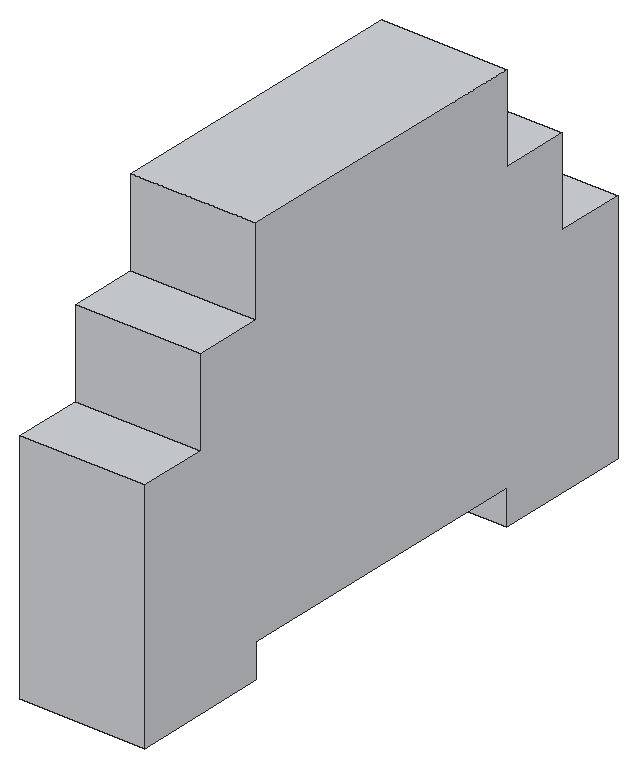
Revit family "Power-ModularDevices-GEWISS-90AM-CHANGE_OVER_SWITCH", category Apparecchi elettrici, host Superficie, Revit 2016
Family settings
  Host = Superficie
  Mantenere orientamento annotazione = Sì
  Tipo di parte = Normale
  Quota connettore circolare = Usa diametro
  Numero OmniClass = 23.80.30.00
  Titolo OmniClass = Distribution Devices
  Taglio con vuoti quando caricato = No
  Condiviso = No
  Punto di calcolo locali = Sì
Parameters (values of type "GW96556 - TWO-WAY-SWITCH (1-2) 2P 16A 250V 1M")
  dIST sIMBOLO [instance] = 6.4 mm  # constant formula
  Version file RFA = "18.0"
  URL = "https://www.gewiss.com/ww/en"
  Type = "Two-ways switch (1-2)"
  Technical sheet = "https://www.gewiss.com/ww/en/search?q=GW96556"
  TEXT LABEL = ""
  Realized by GEWISS S.p.A. = ""
  Rated voltage = "250V"
  Rated current (In) = "32A"
  Default Elevation = 1219.2 mm
  Produttore = "GEWISS S.p.A."
  Potenza in Watt = 0 V
  Numero poli = 2
  Number of poles = "2P (1NO+1NC)"
  No. Chorus modules = "1"
  Modello = "GW96556"
  Immagine tipo = GW96556.jpg
  IFC.TypeObject = ""
  IFC.ExportType = ""
  IFC.ExportAs = ""
  IDT = "f5c7732d-d936-4eb1-8972-ea14e90c1cbf"
  IDF = "c3217e07-725f-4088-abf0-96e09acf5209"
  Fin_Amperometro = none
  Electrocod = "0130                "
  EAN code = "8011564447943"
  Dist_dalla barra din [instance] = 5 mm
  Descrizione = "TWO-WAY-SWITCH (1-2) 2P 16A 250V 1M"
  D = 45 mm  # constant formula
  Catalogue Range = "90 AM"
  Catalogue = "POWER"
  COBie.Tagnumber = ""
  COBie.CreatedOn = ""
  COBie.CreatebBy = ""
  COBie.ComponentRegisterItemID = ""
  COBie.Component.TagNumber = ""
  COBie.Component.Space = ""
  COBie.Component.SerialNumber = ""
  COBie.Component.InstallationDate = ""
  COBie.Component.Description = ""
  COBie.Component.BarCode = ""
  C = 65 mm  # constant formula
  B = 85 mm  # constant formula
  A = 18 mm  # constant formula
Types (7, lengths in mm): name | URL | Type | Technical sheet | Rated current (In) | Produttore | Numero poli | Number of poles | Modello | Immagine tipo | IDT | EAN code | Descrizione
  (no name) | 0 | "" | "" | "" | "GEWISS" | 1 | "" | "GW96551" | GW96551.jpg | "" | "" | "Commutatore a leva deviatore (1-2) - 16A 1P 250V - 1M"
  GW96556 - TWO-WAY-SWITCH (1-2) 2P 16A 250V 1M | "https://www.gewiss.com/ww/en" | "Two-ways switch (1-2)" | "https://www.gewiss.com/ww/en/search?q=GW96556" | "32A" | "GEWISS S.p.A." | 2 | "2P (1NO+1NC)" | "GW96556" | GW96556.jpg | "f5c7732d-d936-4eb1-8972-ea14e90c1cbf" | "8011564447943" | "TWO-WAY-SWITCH (1-2) 2P 16A 250V 1M"
  GW96555 - TWO-WAY-SWITCH (1-2) 1P 16A 250V 1M | "https://www.gewiss.com/ww/en" | "Two-ways switch (1-2)" | "https://www.gewiss.com/ww/en/search?q=GW96555" | "16A" | "GEWISS S.p.A." | 2 | "2P (1NO+1NC)" | "GW96555" | GW96555.jpg | "6c760056-7bc9-4614-810c-592e54a0181a" | "8011564447776" | "TWO-WAY-SWITCH (1-2) 1P 16A 250V 1M"
  GW96554 - THREE-WAY-SWITCH (1-0-2) 2P 16A 250V 1M | "https://www.gewiss.com/ww/en" | "Three-way  switch (1-0-2)" | "https://www.gewiss.com/ww/en/search?q=GW96554" | "16A" | "GEWISS S.p.A." | 2 | "2P" | "GW96554" | GW96554.jpg | "07748dac-e633-4575-bc68-102209fa402d" | "8011564447936" | "THREE-WAY-SWITCH (1-0-2) 2P 16A 250V 1M"
  GW96553 - THREE-WAY-SWITCH (1-0-2) 1P 16A 250V 1M | "https://www.gewiss.com/ww/en" | "Three-way  switch (1-0-2)" | "https://www.gewiss.com/ww/en/search?q=GW96553" | "16A" | "GEWISS S.p.A." | 1 | "1P" | "GW96553" | GW96553.jpg | "a0fc5832-f72a-4678-afba-d80bec23c830" | "8011564447769" | "THREE-WAY-SWITCH (1-0-2) 1P 16A 250V 1M"
  GW96552 - CHANGE OVER SWITCH (1-2) 16A 2P 250V 1M | "https://www.gewiss.com/ww/en" | "Change-over switch (1-2)" | "https://www.gewiss.com/ww/en/search?q=GW96552" | "16A" | "GEWISS S.p.A." | 2 | "2P" | "GW96552" | GW96552.jpg | "850a480d-7ad7-4a84-9449-82b4685be8b9" | "8011564447929" | "CHANGE OVER SWITCH (1-2) 16A 2P 250V 1M"
  GW96551 - CHANGE OVER SWITCH (1-2) 16A 1P 250V 1M | "https://www.gewiss.com/ww/en" | "Change-over switch (1-2)" | "https://www.gewiss.com/ww/en/search?q=GW96551" | "16A" | "GEWISS S.p.A." | 1 | "1P" | "GW96551" | GW96551.jpg | "a6ac7e6e-a023-4aa4-a28a-4cde6c46f810" | "8011564447752" | "CHANGE OVER SWITCH (1-2) 16A 1P 250V 1M"
Values of the unnamed type that differ from the named types
  Version file RFA = ""
  Rated voltage = ""
  No. Chorus modules = ""
  IDF = ""
  Electrocod = ""
  Catalogue Range = ""
  Catalogue = ""
Reference planes
  plane 1 "Centro (Fronte/Retro)": y = 0
  plane 2: z = 0
  plane 3 "Centro (Sinistra/Destra)": x = 0
Dimensions and locks
  aligned and locked: plane 2 to host face
  aligned and locked: level to host face
Nested families
  nested 1: "90AM COMMUTATORI A LEVA_GENERICO" at (0, 0, 0), type "GW96879  -  AMPEROMETRO DIGIT. ALIM. T.A. 999A 2M"
Connectors
  electrical at (0, 42.5, 16.965), driven by "Numero poli", driven by "Potenza in Watt"
    settings: on nested 1, index 1, voltage 0 V, apparent load 0 VA, apparent load phase1 0 VA, apparent load phase2 0 VA, apparent load phase3 0 VA, power factor 1, load classification "Altro", number of poles 2, system type 31, power factor state 1, is connector primary yes, connector utility no, sub classification motor no, connector description ""
Definition of nested family "90AM COMMUTATORI A LEVA_GENERICO"
  Parameters (values of type "GW96879  -  AMPEROMETRO DIGIT. ALIM. T.A. 999A 2M")
    Default Elevation = 1219.2 mm
    Finitura Amperometro = none
    DIST_DALLA BARRA = 5 mm
    D = 45 mm
    C = 59 mm
    B = 85 mm
    A = 18 mm
  Reference planes
    plane 1 "Centro (Fronte/Retro)": y = 0
    plane 2: z = 0
    plane 3 "Centro (Sinistra/Destra)": x = 0
    plane 4: y = -22.5
    plane 5: y = 22.5
    plane 6: y = -32.5
    plane 7: y = 32.5
    plane 8: y = -42.5
    plane 9: y = 42.5
    plane 10 "AMPEROMETRO": z = 59
    plane 11: z = 0
    plane 12: z = 5
    plane 13 "FOROMETRIA": z = 33.929
    plane 14 "forometria 2": z = 46.465
    plane 15: x = -9
    plane 16: x = 9
    plane 17: x = 21.872
    plane 18: y = -3.75
    plane 19: y = 3.75
    plane 20: z = 72
    plane 21: x = -4.396
    plane 22: x = 4.396
    plane 23: z = 57.378
    plane 24: through (0, -1524, 57.378) normal (-0.6412, 0, 0.7674)
    plane 25: x = -2.412
    plane 26: x = 2.86
  Forms (mm)
    Extrusion 1, solid, material <- "Finitura Amperometro"
      sketch origin (0, 0, 5) x (0, 1, 0) y (0, 0, 1)
        loop
          line (-22.5, 54) -> (-22.5, 41.465) -> (-32.5, 41.465) -> (-32.5, 28.929) -> (-42.5, 28.929) -> (-42.5, -5) -> (-22.5, -5) -> (-22.5, 0) -> (22.5, 0) -> (22.5, -5) -> (42.5, -5) -> (42.5, 28.929) -> (32.5, 28.929) -> (32.5, 41.465) -> (22.5, 41.465) -> (22.5, 54) -> (-22.5, 54)
      from -9 to 9
    Extrusion 2, solid, detail levels coarse
      sketch origin (0, 0, 33.929) x (0, -1, 0) y (1, 0, 0)
        loop
          line (-42.5, -9) -> (42.5, -9) -> (42.5, 9) -> (-42.5, 9) -> (-42.5, -9)
      from -28.929 to 25.071
    Extrusion 3, solid, detail levels coarse
      sketch origin (0, 0, 0) x (0, 1, 0) y (0, 0, 1)
        loop
          line (-3.75, 57.378) -> (3.75, 57.378) -> (3.75, 59) -> (-3.75, 59) -> (-3.75, 57.378)
      from -4.396 to 4.396
  Cuts and joins
    joined: Extrusion 2, Extrusion 3
  Lines and regions (mm)
    model lines, detail levels medium+fine
      curve 1: line (8.699, -22.5, 59) -> (-9.001, -22.5, 59)
      curve 2: line (-9.001, 22.5, 59) -> (8.699, 22.5, 59)
      curve 88: line (8.251, -3.459, 59) -> (8.251, 1.71, 59)
      curve 89: line (8.251, 1.71, 59) -> (-8.549, 1.71, 59)
      curve 90: line (-8.549, 1.71, 59) -> (-8.549, -3.459, 59)
      curve 91: line (-8.549, -3.459, 59) -> (8.251, -3.459, 59)
      curve 92: line (-9.151, 8.02, 59) -> (8.849, 8.02, 59)
      curve 189: circle (-4.378, 37.476, 33.929) r 2.555 normal (0, 0, 1)
      curve 190: circle (4.302, 37.477, 33.929) r 2.531 normal (0, 0, 1)
      curve 191: circle (-4.378, -36.184, 33.929) r 2.555 normal (0, 0, 1)
      curve 192: circle (4.3, -36.184, 33.929) r 2.555 normal (0, 0, 1)
      curve 204: line (-9, -32.5, 46.465) -> (9, -32.5, 46.465)
      curve 205: circle (-4.299, -27.658, 46.465) r 2.52 normal (0, 0, 1)
      curve 206: circle (4.293, -27.66, 46.465) r 2.596 normal (0, 0, 1)
    model lines, detail levels fine
      curve 3: line (-5.226, -17.594, 59) -> (-5.226, -19.609, 59)
      curve 4: line (-5.226, -19.609, 59) -> (-5.902, -19.609, 59)
      curve 5: line (-5.902, -19.609, 59) -> (-6.293, -19.56, 59)
      curve 6: line (-6.293, -19.56, 59) -> (-6.773, -19.348, 59)
      curve 7: line (-6.773, -19.348, 59) -> (-7.153, -18.995, 59)
      curve 8: line (-7.153, -18.995, 59) -> (-7.405, -18.519, 59)
      curve 9: line (-7.405, -18.519, 59) -> (-7.483, -18.012, 59)
      curve 10: line (-7.483, -18.012, 59) -> (-7.408, -17.545, 59)
      curve 11: line (-7.408, -17.545, 59) -> (-7.205, -17.132, 59)
      curve 12: line (-7.205, -17.132, 59) -> (-6.842, -16.756, 59)
      curve 13: line (-6.842, -16.756, 59) -> (-6.403, -16.528, 59)
      curve 14: line (-6.403, -16.528, 59) -> (-5.908, -16.446, 59)
      curve 15: line (-5.908, -16.446, 59) -> (-5.226, -16.446, 59)
      curve 16: line (-5.226, -16.446, 59) -> (-5.226, -17.315, 59)
      curve 17: line (-5.226, -17.315, 59) -> (-6.374, -17.315, 59)
      curve 18: line (-6.374, -17.315, 59) -> (-6.374, -18.741, 59)
      curve 19: line (-6.374, -18.741, 59) -> (-6.094, -18.741, 59)
      curve 20: line (-6.094, -18.741, 59) -> (-6.094, -17.594, 59)
      curve 21: line (-6.094, -17.594, 59) -> (-5.226, -17.594, 59)
      curve 22: line (-2.498, -19.609, 59) -> (-4.948, -19.609, 59)
      curve 23: line (-4.948, -19.609, 59) -> (-4.948, -16.446, 59)
      curve 24: line (-4.948, -16.446, 59) -> (-3.645, -16.446, 59)
      curve 25: line (-3.645, -16.446, 59) -> (-3.645, -17.315, 59)
      curve 26: line (-3.645, -17.315, 59) -> (-4.08, -17.315, 59)
      curve 27: line (-4.08, -17.315, 59) -> (-4.08, -17.593, 59)
      curve 28: line (-4.08, -17.593, 59) -> (-2.498, -17.593, 59)
      curve 29: line (-2.498, -17.593, 59) -> (-2.498, -18.463, 59)
      curve 30: line (-2.498, -18.463, 59) -> (-4.079, -18.463, 59)
      curve 31: line (-4.079, -18.463, 59) -> (-4.079, -18.74, 59)
      curve 32: line (-4.079, -18.74, 59) -> (-2.498, -18.74, 59)
      curve 33: line (-2.498, -18.74, 59) -> (-2.498, -19.609, 59)
      curve 34: line (1.934, -19.609, 59) -> (1.934, -17.593, 59)
      curve 35: line (1.934, -17.593, 59) -> (1.065, -17.593, 59)
      curve 36: line (1.065, -17.593, 59) -> (1.065, -19.609, 59)
      curve 37: line (1.065, -19.609, 59) -> (1.934, -19.609, 59)
      curve 38: line (-0.977, -19.609, 59) -> (-0.717, -18.306, 59)
      curve 39: line (-0.717, -18.306, 59) -> (-0.456, -19.609, 59)
      curve 40: line (-0.456, -19.609, 59) -> (0.413, -19.609, 59)
      curve 41: line (0.413, -19.609, 59) -> (0.952, -17.315, 59)
      curve 42: line (0.952, -17.315, 59) -> (1.934, -17.315, 59)
      curve 43: line (1.934, -17.315, 59) -> (1.934, -16.446, 59)
      curve 44: line (1.934, -16.446, 59) -> (0.265, -16.446, 59)
      curve 45: line (0.265, -16.446, 59) -> (-0.048, -17.785, 59)
      curve 46: line (-0.048, -17.785, 59) -> (-0.265, -16.446, 59)
      curve 47: line (-0.265, -16.446, 59) -> (-1.168, -16.446, 59)
      curve 48: line (-1.168, -16.446, 59) -> (-1.386, -17.785, 59)
      curve 49: line (-1.386, -17.785, 59) -> (-1.699, -16.446, 59)
      curve 50: line (-1.699, -16.446, 59) -> (-3.367, -16.446, 59)
      curve 51: line (-3.367, -16.446, 59) -> (-3.367, -17.315, 59)
      curve 52: line (-3.367, -17.315, 59) -> (-2.385, -17.315, 59)
      curve 53: line (-2.385, -17.315, 59) -> (-1.847, -19.609, 59)
      curve 54: line (-1.847, -19.609, 59) -> (-0.977, -19.609, 59)
      curve 55: line (4.662, -16.446, 59) -> (2.212, -16.446, 59)
      curve 56: line (2.212, -16.446, 59) -> (2.212, -18.462, 59)
      curve 57: line (2.212, -18.462, 59) -> (3.793, -18.462, 59)
      curve 58: line (3.793, -18.462, 59) -> (3.793, -18.74, 59)
      curve 59: line (3.793, -18.74, 59) -> (2.212, -18.74, 59)
      curve 60: line (2.212, -18.74, 59) -> (2.212, -19.609, 59)
      curve 61: line (2.212, -19.609, 59) -> (4.662, -19.609, 59)
      curve 62: line (4.662, -19.609, 59) -> (4.662, -17.593, 59)
      curve 63: line (4.662, -17.593, 59) -> (3.081, -17.593, 59)
      curve 64: line (3.081, -17.593, 59) -> (3.081, -17.315, 59)
      curve 65: line (3.081, -17.315, 59) -> (4.662, -17.315, 59)
      curve 66: line (4.662, -17.315, 59) -> (4.662, -16.446, 59)
      curve 67: line (4.94, -16.446, 59) -> (4.94, -18.462, 59)
      curve 68: line (4.94, -18.462, 59) -> (6.415, -18.462, 59)
      curve 69: line (6.415, -18.462, 59) -> (6.415, -18.74, 59)
      curve 70: line (6.415, -18.74, 59) -> (4.94, -18.74, 59)
      curve 71: line (4.94, -18.74, 59) -> (4.94, -19.609, 59)
      curve 72: line (4.94, -19.609, 59) -> (5.809, -19.609, 59)
      curve 73: line (5.809, -19.609, 59) -> (6.311, -19.448, 59)
      curve 74: line (6.311, -19.448, 59) -> (6.635, -19.237, 59)
      curve 75: line (6.635, -19.237, 59) -> (7.006, -18.782, 59)
      curve 76: line (7.006, -18.782, 59) -> (7.178, -18.272, 59)
      curve 77: line (7.178, -18.272, 59) -> (7.183, -17.819, 59)
      curve 78: line (7.183, -17.819, 59) -> (7.136, -17.593, 59)
      curve 79: line (7.136, -17.593, 59) -> (5.809, -17.593, 59)
      curve 80: line (5.809, -17.593, 59) -> (5.809, -17.315, 59)
      curve 81: line (5.809, -17.315, 59) -> (7.018, -17.315, 59)
      curve 82: line (7.018, -17.315, 59) -> (6.861, -17.053, 59)
      curve 83: line (6.861, -17.053, 59) -> (6.635, -16.819, 59)
      curve 84: line (6.635, -16.819, 59) -> (6.32, -16.612, 59)
      curve 85: line (6.32, -16.612, 59) -> (5.992, -16.492, 59)
      curve 86: line (5.992, -16.492, 59) -> (5.622, -16.446, 59)
      curve 87: line (5.622, -16.446, 59) -> (4.94, -16.446, 59)
    model lines, not visible, detail levels medium+fine
      curve 93: line (79.785, 48.585, 59) -> (62.085, 48.585, 59)
      curve 94: line (62.085, 93.585, 59) -> (79.785, 93.585, 59)
      curve 180: line (79.337, 67.626, 59) -> (79.337, 72.795, 59)
      curve 181: line (79.337, 72.795, 59) -> (62.537, 72.795, 59)
      curve 182: line (62.537, 72.795, 59) -> (62.537, 67.626, 59)
      curve 183: line (62.537, 67.626, 59) -> (79.337, 67.626, 59)
      curve 184: line (61.935, 79.105, 59) -> (79.935, 79.105, 59)
      curve 198: circle (26.542, 37.476, 33.929) r 2.555 normal (0, 0, 1)
      curve 199: circle (35.223, 37.477, 33.929) r 2.531 normal (0, 0, 1)
      curve 200: circle (26.542, -36.184, 33.929) r 2.555 normal (0, 0, 1)
      curve 201: circle (35.22, -36.184, 33.929) r 2.555 normal (0, 0, 1)
      curve 208: line (33.549, -32.5, 46.465) -> (51.549, -32.5, 46.465)
      curve 209: circle (38.25, -27.658, 46.465) r 2.52 normal (0, 0, 1)
      curve 210: circle (46.842, -27.66, 46.465) r 2.596 normal (0, 0, 1)
    model lines, not visible, detail levels fine
      curve 95: line (65.86, 53.491, 59) -> (65.86, 51.476, 59)
      curve 96: line (65.86, 51.476, 59) -> (65.185, 51.476, 59)
      curve 97: line (65.185, 51.476, 59) -> (64.793, 51.525, 59)
      curve 98: line (64.793, 51.525, 59) -> (64.314, 51.737, 59)
      curve 99: line (64.314, 51.737, 59) -> (63.933, 52.09, 59)
      curve 100: line (63.933, 52.09, 59) -> (63.681, 52.566, 59)
      curve 101: line (63.681, 52.566, 59) -> (63.603, 53.073, 59)
      curve 102: line (63.603, 53.073, 59) -> (63.679, 53.541, 59)
      curve 103: line (63.679, 53.541, 59) -> (63.881, 53.953, 59)
      curve 104: line (63.881, 53.953, 59) -> (64.244, 54.329, 59)
      curve 105: line (64.244, 54.329, 59) -> (64.684, 54.557, 59)
      curve 106: line (64.684, 54.557, 59) -> (65.178, 54.639, 59)
      curve 107: line (65.178, 54.639, 59) -> (65.86, 54.639, 59)
      curve 108: line (65.86, 54.639, 59) -> (65.86, 53.77, 59)
      curve 109: line (65.86, 53.77, 59) -> (64.713, 53.77, 59)
      curve 110: line (64.713, 53.77, 59) -> (64.713, 52.345, 59)
      curve 111: line (64.713, 52.345, 59) -> (64.992, 52.345, 59)
      curve 112: line (64.992, 52.345, 59) -> (64.992, 53.491, 59)
      curve 113: line (64.992, 53.491, 59) -> (65.86, 53.491, 59)
      curve 114: line (68.588, 51.476, 59) -> (66.138, 51.476, 59)
      curve 115: line (66.138, 51.476, 59) -> (66.138, 54.639, 59)
      curve 116: line (66.138, 54.639, 59) -> (67.441, 54.639, 59)
      curve 117: line (67.441, 54.639, 59) -> (67.441, 53.77, 59)
      curve 118: line (67.441, 53.77, 59) -> (67.006, 53.77, 59)
      curve 119: line (67.006, 53.77, 59) -> (67.006, 53.492, 59)
      curve 120: line (67.006, 53.492, 59) -> (68.588, 53.492, 59)
      curve 121: line (68.588, 53.492, 59) -> (68.588, 52.623, 59)
      curve 122: line (68.588, 52.623, 59) -> (67.007, 52.623, 59)
      curve 123: line (67.007, 52.623, 59) -> (67.007, 52.345, 59)
      curve 124: line (67.007, 52.345, 59) -> (68.588, 52.345, 59)
      curve 125: line (68.588, 52.345, 59) -> (68.588, 51.476, 59)
      curve 126: line (73.02, 51.476, 59) -> (73.02, 53.492, 59)
      curve 127: line (73.02, 53.492, 59) -> (72.151, 53.492, 59)
      curve 128: line (72.151, 53.492, 59) -> (72.151, 51.476, 59)
      curve 129: line (72.151, 51.476, 59) -> (73.02, 51.476, 59)
      curve 130: line (70.109, 51.476, 59) -> (70.37, 52.779, 59)
      curve 131: line (70.37, 52.779, 59) -> (70.63, 51.476, 59)
      curve 132: line (70.63, 51.476, 59) -> (71.499, 51.476, 59)
      curve 133: line (71.499, 51.476, 59) -> (72.038, 53.77, 59)
      curve 134: line (72.038, 53.77, 59) -> (73.02, 53.77, 59)
      curve 135: line (73.02, 53.77, 59) -> (73.02, 54.639, 59)
      curve 136: line (73.02, 54.639, 59) -> (71.352, 54.639, 59)
      curve 137: line (71.352, 54.639, 59) -> (71.039, 53.301, 59)
      curve 138: line (71.039, 53.301, 59) -> (70.822, 54.639, 59)
      curve 139: line (70.822, 54.639, 59) -> (69.918, 54.639, 59)
      curve 140: line (69.918, 54.639, 59) -> (69.701, 53.301, 59)
      curve 141: line (69.701, 53.301, 59) -> (69.388, 54.639, 59)
      curve 142: line (69.388, 54.639, 59) -> (67.719, 54.639, 59)
      curve 143: line (67.719, 54.639, 59) -> (67.719, 53.77, 59)
      curve 144: line (67.719, 53.77, 59) -> (68.701, 53.77, 59)
      curve 145: line (68.701, 53.77, 59) -> (69.239, 51.476, 59)
      curve 146: line (69.239, 51.476, 59) -> (70.109, 51.476, 59)
      curve 147: line (75.749, 54.639, 59) -> (73.298, 54.639, 59)
      curve 148: line (73.298, 54.639, 59) -> (73.298, 52.623, 59)
      curve 149: line (73.298, 52.623, 59) -> (74.88, 52.623, 59)
      curve 150: line (74.88, 52.623, 59) -> (74.88, 52.345, 59)
      curve 151: line (74.88, 52.345, 59) -> (73.298, 52.345, 59)
      curve 152: line (73.298, 52.345, 59) -> (73.298, 51.476, 59)
      curve 153: line (73.298, 51.476, 59) -> (75.749, 51.476, 59)
      curve 154: line (75.749, 51.476, 59) -> (75.749, 53.492, 59)
      curve 155: line (75.749, 53.492, 59) -> (74.167, 53.492, 59)
      curve 156: line (74.167, 53.492, 59) -> (74.167, 53.77, 59)
      curve 157: line (74.167, 53.77, 59) -> (75.749, 53.77, 59)
      curve 158: line (75.749, 53.77, 59) -> (75.749, 54.639, 59)
      curve 159: line (76.027, 54.639, 59) -> (76.027, 52.623, 59)
      curve 160: line (76.027, 52.623, 59) -> (77.501, 52.623, 59)
      curve 161: line (77.501, 52.623, 59) -> (77.501, 52.345, 59)
      curve 162: line (77.501, 52.345, 59) -> (76.027, 52.345, 59)
      curve 163: line (76.027, 52.345, 59) -> (76.027, 51.476, 59)
      curve 164: line (76.027, 51.476, 59) -> (76.896, 51.476, 59)
      curve 165: line (76.896, 51.476, 59) -> (77.398, 51.637, 59)
      curve 166: line (77.398, 51.637, 59) -> (77.721, 51.848, 59)
      curve 167: line (77.721, 51.848, 59) -> (78.092, 52.303, 59)
      curve 168: line (78.092, 52.303, 59) -> (78.265, 52.813, 59)
      curve 169: line (78.265, 52.813, 59) -> (78.27, 53.266, 59)
      curve 170: line (78.27, 53.266, 59) -> (78.223, 53.492, 59)
      curve 171: line (78.223, 53.492, 59) -> (76.896, 53.492, 59)
      curve 172: line (76.896, 53.492, 59) -> (76.896, 53.77, 59)
      curve 173: line (76.896, 53.77, 59) -> (78.104, 53.77, 59)
      curve 174: line (78.104, 53.77, 59) -> (77.947, 54.032, 59)
      curve 175: line (77.947, 54.032, 59) -> (77.721, 54.267, 59)
      curve 176: line (77.721, 54.267, 59) -> (77.407, 54.473, 59)
      curve 177: line (77.407, 54.473, 59) -> (77.078, 54.593, 59)
      curve 178: line (77.078, 54.593, 59) -> (76.709, 54.639, 59)
      curve 179: line (76.709, 54.639, 59) -> (76.027, 54.639, 59)
    model lines
      curve 185: line (-9, 42.5, 33.929) -> (9, 42.5, 33.929)
      curve 186: line (-9, 32.5, 33.929) -> (9, 32.5, 33.929)
      curve 187: line (-9, -42.5, 33.929) -> (9, -42.5, 33.929)
      curve 188: line (-9, -32.5, 33.929) -> (9, -32.5, 33.929)
      curve 203: line (9, -22.5, 46.465) -> (-9, -22.5, 46.465)
    symbolic lines
      curve 193: line (0, 42.5, 33.929) -> (0, -42.5, 33.929)
    model lines, not visible
      curve 194: line (21.92, 42.5, 33.929) -> (39.92, 42.5, 33.929)
      curve 195: line (21.92, 32.5, 33.929) -> (39.92, 32.5, 33.929)
      curve 196: line (21.92, -42.5, 33.929) -> (39.92, -42.5, 33.929)
      curve 197: line (21.92, -32.5, 33.929) -> (39.92, -32.5, 33.929)
      curve 207: line (51.549, -22.5, 46.465) -> (33.549, -22.5, 46.465)
    symbolic lines, not visible
      curve 202: line (30.92, 42.5, 33.929) -> (30.92, -42.5, 33.929)
  Dimensions and locks
    equal spacing: plane 4, plane 1 "Centro (Fronte/Retro)", plane 5
    "D": plane 4 to plane 5
    "C": plane 11 to plane 10 "AMPEROMETRO"
    locked: plane 11 to plane 12 at 5
    "B": plane 8 to plane 9
    equal spacing: plane 8, plane 1 "Centro (Fronte/Retro)", plane 9
    plane 12 to plane 13 "FOROMETRIA" = 28.929 mm
    equal spacing: plane 10 "AMPEROMETRO", plane 14 "forometria 2", plane 13 "FOROMETRIA"
    locked: plane 6 to plane 4 at 10
    locked: plane 5 to plane 7 at 10
    equal spacing: plane 15, plane 3 "Centro (Sinistra/Destra)", plane 16
    "A": plane 15 to plane 16
    "DIST_DALLA BARRA": plane 2 to plane 12
    plane 8 to plane 6 = 10 mm
    equal spacing: plane 18, plane 1 "Centro (Fronte/Retro)", plane 19  (x2)
    plane 20 to level = 72 mm
    equal spacing: plane 22, plane 3 "Centro (Sinistra/Destra)", plane 21
    locked: plane 23 to plane 10 "AMPEROMETRO" at 1.622
    locked: plane 21 to plane 22 at 8.793
    locked: plane 21 to plane 25 at 1.984
    locked: plane 26 to plane 22 at 1.536
    aligned and locked: level to plane 2
    aligned and locked: plane 10 "AMPEROMETRO" to Extrusion 1 sketch curve
    aligned and locked: plane 4 to Extrusion 1 sketch curve
    aligned and locked: plane 5 to Extrusion 1 sketch curve
    aligned and locked: plane 8 to Extrusion 1 sketch curve
    aligned and locked: plane 9 to Extrusion 1 sketch curve
    aligned and locked: plane 12 to Extrusion 1 sketch curve
    aligned and locked: plane 11 to Extrusion 1 sketch curve  (x2)
    aligned and locked: plane 13 "FOROMETRIA" to Extrusion 1 sketch curve
    aligned and locked: Extrusion 1 sketch curve to plane 13 "FOROMETRIA"
    aligned and locked: plane 14 "forometria 2" to Extrusion 1 sketch curve
    aligned and locked: Extrusion 1 sketch curve to plane 14 "forometria 2"
    aligned and locked: plane 15 to Extrusion 1
    aligned and locked: Extrusion 1 to plane 16
    aligned and locked: plane 16 to Extrusion 2 sketch curve
    aligned and locked: plane 9 to Extrusion 2 sketch curve
    aligned and locked: Extrusion 2 sketch curve to plane 15
    aligned and locked: Extrusion 2 sketch curve to plane 8
    aligned and locked: Extrusion 2 to plane 10 "AMPEROMETRO"
    aligned and locked: plane 12 to Extrusion 2
    aligned and locked: Extrusion 3 to plane 21
    aligned and locked: plane 22 to Extrusion 3
    aligned and locked: curve 1 to plane 4
    aligned and locked: curve 193 to plane 3 "Centro (Sinistra/Destra)"
    aligned and locked: plane 15 to curve 204
  Automatic sketch dimensions
    Extrusion 1 sketch curve to plane 6 = 0 mm
    Extrusion 1 sketch curve to plane 4 = 0 mm
    Extrusion 1 sketch curve to plane 5 = 0 mm
    Extrusion 1 sketch curve to plane 7 = 0 mm
    plane 10 "AMPEROMETRO" to Extrusion 3 sketch curve = 0 mm
    Extrusion 3 sketch curve to plane 18 = 0 mm
    Extrusion 3 sketch curve to plane 19 = 0 mm
    Extrusion 3 sketch curve to plane 23 = 0 mm
    curve 190 to curve 189 = 0.001 mm
    curve 191 to curve 192 = 0 mm
    curve 189 to curve 191 = 0 mm
    curve 191 to curve 192 = 8.678 mm
    curve 189 to curve 190 = 8.681 mm
    curve 199 to curve 198 = 0.001 mm
    curve 200 to curve 201 = 0 mm
    curve 198 to curve 200 = 0 mm
    curve 200 to curve 201 = 8.678 mm
    curve 198 to curve 199 = 8.681 mm
    curve 205 to curve 206 = 0.002 mm
    curve 205 to curve 206 = 8.591 mm
    curve 205 to curve 204 = 4.842 mm
    curve 204 to curve 205 = 4.701 mm
    curve 203 to curve 205 = 4.701 mm
    curve 203 to curve 206 = 5.16 mm
    curve 206 to curve 204 = 4.707 mm
    curve 206 to curve 203 = 4.707 mm
    curve 209 to curve 210 = 0.002 mm
    curve 209 to curve 210 = 8.591 mm
    curve 209 to curve 208 = 4.842 mm
    curve 208 to curve 209 = 4.701 mm
    curve 207 to curve 209 = 4.701 mm
    curve 207 to curve 210 = 5.16 mm
    curve 210 to curve 208 = 4.707 mm
    curve 210 to curve 207 = 4.707 mm
    curve 188 to curve 191 = 3.684 mm
    curve 187 to curve 191 = 4.622 mm
    curve 188 to curve 191 = 4.622 mm
    curve 192 to curve 193 = 6.316 mm
    curve 192 to curve 187 = 4.7 mm
    curve 192 to curve 188 = 4.7 mm
    curve 197 to curve 200 = 3.684 mm
    curve 196 to curve 200 = 4.622 mm
    curve 197 to curve 200 = 4.622 mm
    curve 201 to curve 202 = 6.316 mm
    curve 201 to curve 196 = 4.7 mm
    curve 201 to curve 197 = 4.7 mm
    curve 186 to curve 189 = 4.622 mm
    curve 185 to curve 189 = 4.622 mm
    curve 193 to curve 190 = 5.023 mm
    curve 190 to curve 192 = 73.661 mm
    curve 190 to curve 186 = 4.698 mm
    curve 190 to curve 185 = 4.698 mm
    curve 193 to curve 190 = 4.302 mm
    curve 189 to curve 186 = 4.976 mm
    curve 195 to curve 198 = 4.622 mm
    curve 194 to curve 198 = 4.622 mm
    curve 202 to curve 199 = 5.023 mm
    curve 199 to curve 201 = 73.661 mm
    curve 199 to curve 195 = 4.698 mm
    curve 199 to curve 194 = 4.698 mm
    curve 202 to curve 199 = 4.302 mm
    curve 198 to curve 195 = 4.976 mm
    curve 9 to curve 11 = 0.076 mm
    curve 9 to curve 9 = 0.078 mm
    curve 10 to curve 12 = 0.202 mm
    curve 8 to curve 7 = 0.252 mm
    curve 11 to curve 13 = 0.363 mm
    curve 7 to curve 6 = 0.381 mm
    curve 12 to curve 14 = 0.439 mm
    curve 12 to curve 18 = 0.468 mm
    curve 6 to curve 5 = 0.479 mm
    curve 18 to curve 20 = 0.279 mm
    curve 13 to curve 15 = 0.494 mm
    curve 6 to curve 4 = 0.392 mm
    curve 4 to curve 3 = 0.675 mm
    curve 16 to curve 3 = 0 mm
    curve 3 to curve 23 = 0.278 mm
    curve 16 to curve 27 = 1.147 mm
    curve 27 to curve 31 = 0.001 mm
    curve 26 to curve 25 = 0.435 mm
    curve 25 to curve 52 = 0.278 mm
    curve 51 to curve 29 = 0.869 mm
    curve 29 to curve 32 = 0 mm
    curve 28 to curve 52 = 0.113 mm
    curve 22 to curve 53 = 0.651 mm
    curve 52 to curve 49 = 0.686 mm
    curve 52 to curve 49 = 0.999 mm
    curve 49 to curve 47 = 0.53 mm
    curve 53 to curve 38 = 0.87 mm
    curve 48 to curve 38 = 0.669 mm
    curve 38 to curve 40 = 0.521 mm
    curve 47 to curve 47 = 0.904 mm
    curve 38 to curve 46 = 0.669 mm
    curve 46 to curve 45 = 0.53 mm
    curve 39 to curve 41 = 0.869 mm
    curve 45 to curve 41 = 0.999 mm
    curve 40 to curve 37 = 0.652 mm
    curve 36 to curve 37 = 0.869 mm
    curve 43 to curve 34 = 0 mm
    curve 34 to curve 60 = 0.278 mm
    curve 57 to curve 59 = 0 mm
    curve 34 to curve 64 = 1.147 mm
    curve 63 to curve 58 = 0.713 mm
    curve 57 to curve 63 = 0.869 mm
    curve 66 to curve 62 = 0 mm
    curve 55 to curve 67 = 0.278 mm
    curve 61 to curve 72 = 0.278 mm
    curve 67 to curve 87 = 0.682 mm
    curve 62 to curve 79 = 1.147 mm
    curve 71 to curve 73 = 0.869 mm
    curve 86 to curve 85 = 0.369 mm
    curve 72 to curve 74 = 0.502 mm
    curve 86 to curve 85 = 0.329 mm
    curve 73 to curve 70 = 0.104 mm
    curve 84 to curve 83 = 0.315 mm
    curve 73 to curve 75 = 0.324 mm
    curve 83 to curve 82 = 0.226 mm
    curve 74 to curve 76 = 0.371 mm
    curve 82 to curve 81 = 0.157 mm
    curve 81 to curve 78 = 0.118 mm
    curve 75 to curve 77 = 0.172 mm
    curve 78 to curve 78 = 0.047 mm
    curve 38 to curve 36 = 0 mm
    curve 38 to curve 39 = 0 mm
    curve 23 to curve 53 = 0 mm
    curve 34 to curve 60 = 0 mm
    curve 61 to curve 73 = 0 mm
    curve 22 to curve 5 = 0 mm
    curve 4 to curve 5 = 0.049 mm
    curve 72 to curve 74 = 0.161 mm
    curve 5 to curve 6 = 0.212 mm
    curve 73 to curve 75 = 0.211 mm
    curve 6 to curve 8 = 0.353 mm
    curve 74 to curve 75 = 0.455 mm
    curve 6 to curve 18 = 0.608 mm
    curve 60 to curve 60 = 0.869 mm
    curve 71 to curve 71 = 0.869 mm
    curve 22 to curve 33 = 0.869 mm
    curve 7 to curve 9 = 0.476 mm
    curve 32 to curve 29 = 0.278 mm
    curve 59 to curve 56 = 0.278 mm
    curve 69 to curve 68 = 0.278 mm
    curve 39 to curve 39 = 1.303 mm
    curve 75 to curve 77 = 0.51 mm
    curve 9 to curve 9 = 0.507 mm
    curve 76 to curve 78 = 0.453 mm
    curve 38 to curve 49 = 0.521 mm
    curve 38 to curve 46 = 0.521 mm
    curve 19 to curve 3 = 1.147 mm
    curve 45 to curve 35 = 0.191 mm
    curve 77 to curve 78 = 0.225 mm
    curve 67 to curve 63 = 0.869 mm
    curve 30 to curve 27 = 0.869 mm
    curve 9 to curve 11 = 0.468 mm
    curve 28 to curve 53 = 0.278 mm
    curve 20 to curve 18 = 0.278 mm
    curve 34 to curve 43 = 0.278 mm
    curve 79 to curve 81 = 0.278 mm
    curve 62 to curve 66 = 0.278 mm
    curve 27 to curve 27 = 0.278 mm
    curve 10 to curve 11 = 0.412 mm
    curve 81 to curve 83 = 0.263 mm
    curve 83 to curve 84 = 0.234 mm
    curve 11 to curve 12 = 0.376 mm
    curve 83 to curve 84 = 0.207 mm
    curve 12 to curve 13 = 0.228 mm
    curve 84 to curve 85 = 0.12 mm
    curve 52 to curve 49 = 0.869 mm
    curve 49 to curve 48 = 0 mm
    curve 65 to curve 87 = 0.869 mm
    curve 46 to curve 45 = 0 mm
    curve 16 to curve 23 = 0.869 mm
    curve 55 to curve 67 = 0 mm
    curve 16 to curve 23 = 0 mm
    curve 1 to curve 6 = 2.228 mm
    curve 74 to curve 1 = 2.064 mm
    curve 1 to curve 74 = 3.263 mm
    curve 92 to curve 2 = 14.48 mm
    curve 2 to curve 2 = 17.7 mm
    curve 90 to curve 10 = 1.066 mm
    curve 88 to curve 89 = 5.169 mm
    curve 89 to curve 89 = 16.8 mm
    curve 13 to curve 91 = 13.069 mm
    curve 2 to curve 89 = 0.452 mm
    curve 92 to curve 89 = 0.602 mm
    curve 88 to curve 92 = 0.598 mm
    curve 89 to curve 92 = 6.31 mm
    curve 101 to curve 103 = 0.076 mm
    curve 101 to curve 101 = 0.078 mm
    curve 102 to curve 104 = 0.202 mm
    curve 100 to curve 99 = 0.252 mm
    curve 103 to curve 105 = 0.363 mm
    curve 99 to curve 98 = 0.381 mm
    curve 104 to curve 106 = 0.439 mm
    curve 104 to curve 110 = 0.468 mm
    curve 98 to curve 97 = 0.479 mm
    curve 110 to curve 112 = 0.279 mm
    curve 105 to curve 107 = 0.494 mm
    curve 98 to curve 96 = 0.392 mm
    curve 96 to curve 95 = 0.675 mm
    curve 108 to curve 95 = 0 mm
    curve 95 to curve 115 = 0.278 mm
    curve 108 to curve 119 = 1.147 mm
    curve 119 to curve 123 = 0.001 mm
    curve 118 to curve 117 = 0.435 mm
    curve 117 to curve 144 = 0.278 mm
    curve 143 to curve 121 = 0.869 mm
    curve 121 to curve 124 = 0 mm
    curve 120 to curve 144 = 0.113 mm
    curve 114 to curve 145 = 0.651 mm
    curve 144 to curve 141 = 0.686 mm
    curve 144 to curve 141 = 0.999 mm
    curve 141 to curve 139 = 0.53 mm
    curve 145 to curve 130 = 0.87 mm
    curve 140 to curve 130 = 0.669 mm
    curve 130 to curve 132 = 0.521 mm
    curve 139 to curve 139 = 0.904 mm
    curve 130 to curve 138 = 0.669 mm
    curve 138 to curve 137 = 0.53 mm
    curve 131 to curve 133 = 0.869 mm
    curve 137 to curve 133 = 0.999 mm
    curve 132 to curve 129 = 0.652 mm
    curve 128 to curve 129 = 0.869 mm
    curve 135 to curve 126 = 0 mm
    curve 126 to curve 152 = 0.278 mm
    curve 149 to curve 151 = 0 mm
    curve 126 to curve 156 = 1.147 mm
    curve 155 to curve 150 = 0.713 mm
    curve 149 to curve 155 = 0.869 mm
    curve 158 to curve 154 = 0 mm
    curve 147 to curve 159 = 0.278 mm
    curve 153 to curve 164 = 0.278 mm
    curve 159 to curve 179 = 0.682 mm
    curve 154 to curve 171 = 1.147 mm
    curve 163 to curve 165 = 0.869 mm
    curve 178 to curve 177 = 0.369 mm
    curve 164 to curve 166 = 0.502 mm
    curve 178 to curve 177 = 0.329 mm
    curve 165 to curve 162 = 0.104 mm
    curve 176 to curve 175 = 0.315 mm
    curve 165 to curve 167 = 0.324 mm
    curve 175 to curve 174 = 0.226 mm
    curve 166 to curve 168 = 0.371 mm
    curve 174 to curve 173 = 0.157 mm
    curve 173 to curve 170 = 0.118 mm
    curve 167 to curve 169 = 0.172 mm
    curve 170 to curve 170 = 0.047 mm
    curve 130 to curve 128 = 0 mm
    curve 130 to curve 131 = 0 mm
    curve 115 to curve 145 = 0 mm
    curve 126 to curve 152 = 0 mm
    curve 153 to curve 165 = 0 mm
    curve 114 to curve 97 = 0 mm
    curve 96 to curve 97 = 0.049 mm
    curve 164 to curve 166 = 0.161 mm
    curve 97 to curve 98 = 0.212 mm
    curve 165 to curve 167 = 0.211 mm
    curve 98 to curve 100 = 0.353 mm
    curve 166 to curve 167 = 0.455 mm
    curve 98 to curve 110 = 0.608 mm
    curve 152 to curve 152 = 0.869 mm
    curve 163 to curve 163 = 0.869 mm
    curve 114 to curve 125 = 0.869 mm
    curve 99 to curve 101 = 0.476 mm
    curve 124 to curve 121 = 0.278 mm
    curve 151 to curve 148 = 0.278 mm
    curve 161 to curve 160 = 0.278 mm
    curve 131 to curve 131 = 1.303 mm
    curve 167 to curve 169 = 0.51 mm
    curve 101 to curve 101 = 0.507 mm
    curve 168 to curve 170 = 0.453 mm
    curve 130 to curve 141 = 0.521 mm
    curve 130 to curve 138 = 0.521 mm
    curve 111 to curve 95 = 1.147 mm
    curve 137 to curve 127 = 0.191 mm
    curve 169 to curve 170 = 0.225 mm
    curve 159 to curve 155 = 0.869 mm
    curve 122 to curve 119 = 0.869 mm
    curve 101 to curve 103 = 0.468 mm
    curve 120 to curve 145 = 0.278 mm
    curve 112 to curve 110 = 0.278 mm
    curve 126 to curve 135 = 0.278 mm
    curve 171 to curve 173 = 0.278 mm
    curve 154 to curve 158 = 0.278 mm
    curve 119 to curve 119 = 0.278 mm
    curve 102 to curve 103 = 0.412 mm
    curve 173 to curve 175 = 0.263 mm
    curve 175 to curve 176 = 0.234 mm
    curve 103 to curve 104 = 0.376 mm
    curve 175 to curve 176 = 0.207 mm
    curve 104 to curve 105 = 0.228 mm
    curve 176 to curve 177 = 0.12 mm
    curve 144 to curve 141 = 0.869 mm
    curve 141 to curve 140 = 0 mm
    curve 157 to curve 179 = 0.869 mm
    curve 138 to curve 137 = 0 mm
    curve 108 to curve 115 = 0.869 mm
    curve 147 to curve 159 = 0 mm
    curve 108 to curve 115 = 0 mm
    curve 93 to curve 98 = 2.228 mm
    curve 166 to curve 93 = 2.064 mm
    curve 93 to curve 166 = 3.263 mm
    curve 184 to curve 94 = 14.48 mm
    curve 94 to curve 94 = 17.7 mm
    curve 182 to curve 102 = 1.066 mm
    curve 180 to curve 181 = 5.169 mm
    curve 181 to curve 181 = 16.8 mm
    curve 105 to curve 183 = 13.069 mm
    curve 94 to curve 181 = 0.452 mm
    curve 184 to curve 181 = 0.602 mm
    curve 180 to curve 184 = 0.598 mm
    curve 181 to curve 184 = 6.31 mm
    radius of curve 205 = 2.52 mm
    radius of curve 206 = 2.596 mm
    radius of curve 209 = 2.52 mm
    radius of curve 210 = 2.596 mm
    radius of curve 191 = 2.555 mm
    radius of curve 192 = 2.555 mm
    radius of curve 200 = 2.555 mm
    radius of curve 201 = 2.555 mm
    radius of curve 189 = 2.555 mm
    radius of curve 190 = 2.531 mm
    radius of curve 198 = 2.555 mm
    radius of curve 199 = 2.531 mm
